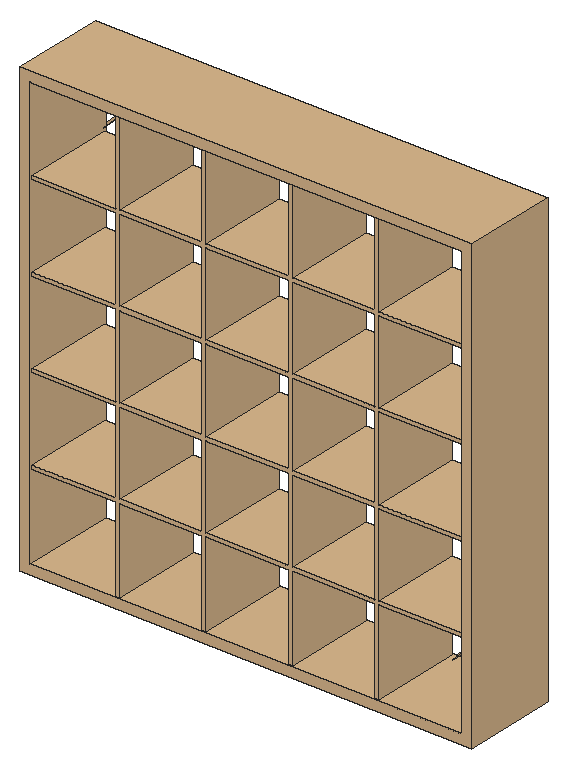
Revit family
Parameters (values of type "1850 x 1850 x 390mm")
  URL = ""
  Type Comments = ""
  Model = ""
  Material = Wood - Birch
  Manufacturer = "Revit"
  Keynote = "N"
  Description = "Bookshelves"
  Cost = 0
  Assembly Code = "E2020200"
Reference planes
  plane 1 "Center (Front/Back)": y = -70.108
  plane 2: z = 0
  plane 3 "Center (Left/Right)": x = 247.054
  plane 4 "back": y = 124.892
  plane 5 "front": y = -265.108
  plane 6: x = -677.946
  plane 7: x = 1172.054
  plane 8: z = 1850
  plane 9: x = -283.946
  plane 10: x = 70.054
  plane 11: x = 424.054
  plane 12: x = 778.054
  plane 13: z = 1456
  plane 14: z = 1102
  plane 15: z = 748
  plane 16: z = 394
  plane 17: y = 116.892
  plane 18: y = -257.108
  plane 19: z = 925
Forms (mm)
  Extrusion 1, solid, material "Wood - Birch" <- "Material"
    sketch origin (0, -265.108, 0) x (1, 0, 0) y (0, 0, 1)
      loop
        line (-677.946, 1850) -> (-677.946, 0) -> (1172.054, 0) -> (1172.054, 1850) -> (-677.946, 1850)
      loop
        line (-637.946, 1810) -> (-637.946, 40) -> (1132.054, 40) -> (1132.054, 1810) -> (-637.946, 1810)
    from -390 to 0
  Extrusion 2, solid, material "Wood - Birch" <- "Material"
    sketch origin (0, -265.108, 0) x (1, 0, 0) y (0, 0, 1)
      loop
        line (-291.446, 1810) -> (-291.446, 1463.5) -> (-637.946, 1463.5) -> (-637.946, 1448.5) -> (-291.446, 1448.5) -> (-291.446, 1109.5) -> (-637.946, 1109.5) -> (-637.946, 1094.5) -> (-291.446, 1094.5) -> (-291.446, 755.5) -> (-637.946, 755.5) -> (-637.946, 740.5) -> (-291.446, 740.5) -> (-291.446, 401.5) -> (-637.946, 401.5) -> (-637.946, 386.5) -> (-291.446, 386.5) -> (-291.446, 40) -> (-276.446, 40) -> (-276.446, 386.5) -> (62.554, 386.5) -> (62.554, 40) -> (77.554, 40) -> (77.554, 386.5) -> (416.554, 386.5) -> (416.554, 40) -> (431.554, 40) -> (431.554, 386.5) -> (770.554, 386.5) -> (770.554, 40) -> (785.554, 40) -> (785.554, 386.5) -> (1132.054, 386.5) -> (1132.054, 401.5) -> (785.554, 401.5) -> (785.554, 740.5) -> (1132.054, 740.5) -> (1132.054, 755.5) -> (785.554, 755.5) -> (785.554, 1094.5) -> (1132.054, 1094.5) -> (1132.054, 1109.5) -> (785.554, 1109.5) -> (785.554, 1448.5) -> (1132.054, 1448.5) -> (1132.054, 1463.5) -> (785.554, 1463.5) -> (785.554, 1810) -> (770.554, 1810) -> (770.554, 1463.5) -> (431.554, 1463.5) -> (431.554, 1810) -> (416.554, 1810) -> (416.554, 1463.5) -> (77.554, 1463.5) -> (77.554, 1810) -> (62.554, 1810) -> (62.554, 1463.5) -> (-276.446, 1463.5) -> (-276.446, 1810) -> (-291.446, 1810)
      loop
        line (-276.446, 1448.5) -> (-276.446, 1109.5) -> (62.554, 1109.5) -> (62.554, 1448.5) -> (-276.446, 1448.5)
      loop
        line (77.554, 1448.5) -> (77.554, 1109.5) -> (416.554, 1109.5) -> (416.554, 1448.5) -> (77.554, 1448.5)
      loop
        line (431.554, 1448.5) -> (431.554, 1109.5) -> (770.554, 1109.5) -> (770.554, 1448.5) -> (431.554, 1448.5)
      loop
        line (770.554, 1094.5) -> (431.554, 1094.5) -> (431.554, 755.5) -> (770.554, 755.5) -> (770.554, 1094.5)
      loop
        line (416.554, 1094.5) -> (77.554, 1094.5) -> (77.554, 755.5) -> (416.554, 755.5) -> (416.554, 1094.5)
      loop
        line (62.554, 1094.5) -> (-276.446, 1094.5) -> (-276.446, 755.5) -> (62.554, 755.5) -> (62.554, 1094.5)
      loop
        line (-276.446, 740.5) -> (-276.446, 401.5) -> (62.554, 401.5) -> (62.554, 740.5) -> (-276.446, 740.5)
      loop
        line (77.554, 740.5) -> (77.554, 401.5) -> (416.554, 401.5) -> (416.554, 740.5) -> (77.554, 740.5)
      loop
        line (431.554, 740.5) -> (431.554, 401.5) -> (770.554, 401.5) -> (770.554, 740.5) -> (431.554, 740.5)
    from -382 to -8
  Extrusion 3, solid, material "Wood - Birch", detail levels medium+fine
    sketch origin (0, -70.108, 0) x (1, 0, 0) y (0, 0, 1)
      loop
        line (778.054, 1830) -> (1145.749, 1462.304) -> (1150.699, 1467.254) -> (783.003, 1834.95) -> (778.054, 1830)
    from -202.341 to -195
  Extrusion 4, solid, material "Wood - Birch", detail levels medium+fine
    sketch origin (494.107, -70.108, 0) x (-1, 0, 0) y (0, 0, -1)
      loop
        line (778.054, -1830) -> (783.003, -1834.95) -> (1150.699, -1467.254) -> (1145.749, -1462.304) -> (778.054, -1830)
    from -202.341 to -195
  Extrusion 5, solid, material "Wood - Birch", detail levels medium+fine
    sketch origin (0, -70.108, 1850) x (1, 0, 0) y (0, 0, 1)
      loop
        line (778.054, -1830) -> (783.003, -1834.95) -> (1150.699, -1467.254) -> (1145.749, -1462.304) -> (778.054, -1830)
    from -202.341 to -195
  Extrusion 6, solid, material "Wood - Birch", detail levels medium+fine
    sketch origin (494.107, -70.108, 1850) x (-1, 0, 0) y (0, 0, -1)
      loop
        line (778.054, 1830) -> (1145.749, 1462.304) -> (1150.699, 1467.254) -> (783.003, 1834.95) -> (778.054, 1830)
    from -202.341 to -195
Dimensions and locks
  equal spacing: plane 6, plane 3 "Center (Left/Right)", plane 7
  equal spacing: plane 5 "front", plane 1 "Center (Front/Back)", plane 4 "back"
  locked: plane 5 "front" to plane 4 "back" at 390
  locked: plane 6 to plane 7 at 1850
  locked: plane 8 to plane 2 at 1850
  equal spacing: Extrusion 1, plane 9, plane 10, plane 11, plane 12, Extrusion 1
  equal spacing: Extrusion 1, plane 13, plane 14, plane 15, plane 16, Extrusion 1
  equal spacing: plane 2, plane 19, plane 8
  aligned and locked: plane 6 to Extrusion 1 sketch curve
  aligned and locked: plane 8 to Extrusion 1 sketch curve
  aligned and locked: level to Extrusion 1 sketch curve
  aligned and locked: plane 7 to Extrusion 1 sketch curve
  aligned and locked: Extrusion 1 to plane 4 "back"
  aligned and locked: plane 5 "front" to Extrusion 1
  aligned and locked: Extrusion 2 to plane 17
  aligned and locked: plane 18 to Extrusion 2
